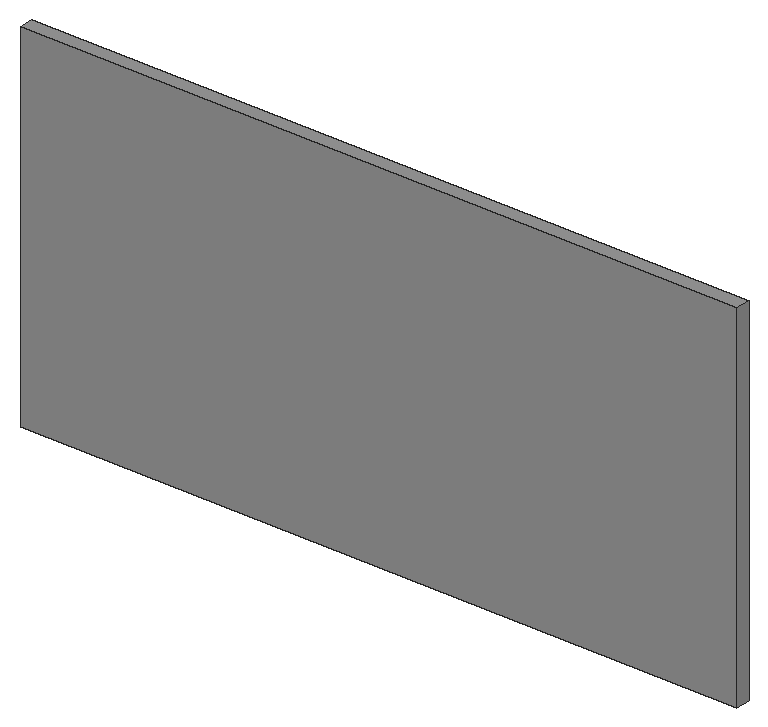
Revit family "Sound-Silencer-Ceiling-Baffles", category Generic Models, Revit 2024
Family settings
  Can host rebar = No
  Round Connector Dimension = Use Diameter
  Part Type = Normal
  Work Plane-Based = No
  Always vertical = Yes
  Cut with Voids When Loaded = No
  Maintain Annotation Orientation = No
  Shared = No
  Room Calculation Point = No
Parameters (values of type "24 x 48 - 1 INCH - Charcoal")
  ‍      1. Thickness 1" = Thickness Options = 1  # yes
  URL = "https://www.acousticalsurfaces.com/sound-silencer/baffle/"
  Thickness Options = 1
  T = if(Thickness Options = 0, 0' 0 1/2", 0' 0") + if(Thickness Options = 1, 0' 1", 0' 0") + if(Thickness Options = 2, 0' 2", 0' 0")  # 0' - 1"
  Material = "Sound Silencer"
  Manufacturer = "Acoustical Surfaces, Inc."
  Finish = Sound Silencer - Charcoal
  Width = 2' - 0"
  Length = 4' - 0"
  ‍      2. Thickness 2" = Thickness Options = 2  # no
  Default Elevation = 0' - 0"
  B = Width / 2  # 1' - 0"
Types (4): name | ‍      1. Thickness 1" | Thickness Options | T | Finish | ‍      2. Thickness 2"
  24 x 48 - 1 INCH - Charcoal | yes | 1 | 0' - 1" | Sound Silencer - Charcoal | no
  24 x 48 - 1 INCH - White | yes | 1 | 0' - 1" | Sound Silencer - White | no
  24 x 48 - 2 INCH - Charcoal | no | 2 | 0' - 2" | Sound Silencer - Charcoal | yes
  24 x 48 - 2 INCH - White | no | 2 | 0' - 2" | Sound Silencer - White | yes
Reference planes (in)
  plane 1 "Center (Front/Back)": y = 0
  plane 2: z = 0
  plane 3 "Center (Left/Right)": x = 0
Dimensions and locks (in)
  "B": nested 1 to level
  aligned and locked: level to plane 2
Nested families (in)
  nested 1: "Square" at (0, 0, 12) x (-1, 0, 0) z (0, -1, 0), type "Square"
    with A 4' - 0"
Definition of nested family "Square"
  Parameters (values of type "Square")
    Thickness = 0' - 1"
    Material = none
    Default Elevation = 4' - 0"
    B = 2' - 0"
    A = 8' - 0"
  Reference planes (in)
    plane 1 "Center (Front/Back)": y = 0
    plane 2: z = 0
    plane 3 "Center (Left/Right)": x = 0
    plane 4: x = -48
    plane 5: x = 48
    plane 6: y = 12
    plane 7: y = -12
    plane 8: z = 1
  Forms (in)
    Extrusion 1, solid, material <- "Material"
      sketch origin (0, 0, 0) x (1, 0, 0) y (0, 1, 0)
        loop
          line (48, 12) -> (-48, 12) -> (-48, -12) -> (48, -12) -> (48, 12)
      from 0 to 1
  Dimensions and locks (in)
    equal spacing: plane 4, plane 3 "Center (Left/Right)", plane 5
    equal spacing: plane 7, plane 1 "Center (Front/Back)", plane 6
    "B": plane 7 to plane 6
    "A": plane 4 to plane 5
    "Thickness": plane 8 to level
    aligned and locked: level to plane 2
    aligned and locked: Extrusion 1 sketch curve to plane 4
    aligned and locked: plane 5 to Extrusion 1 sketch curve
    aligned and locked: Extrusion 1 sketch curve to plane 6
    aligned and locked: Extrusion 1 sketch curve to plane 7
    aligned and locked: Extrusion 1 to plane 8
